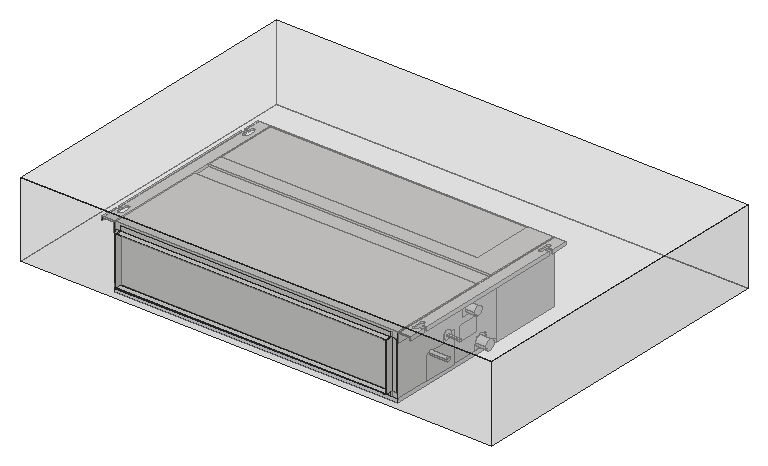
Revit family "outputfile", category 機械設備, Revit 2024
Family settings
  丸型コネクタ寸法 = 半径を使用
  パーツ タイプ = 標準
  OmniClass 番号 = 23.75.10.24.21.27.27
  OmniClass タイトル = Split System Air Conditioning Units
  作業面ベース = いいえ
  常に垂直 = はい
  ロード時にボイドで切り取り = いいえ
  注釈の向きを維持 = いいえ
  共有 = いいえ
  部屋計算ポイント = はい
Parameters (values of type "FXDQ50NDVE")
  Description = ""
  製造元 = "Daikin"
  書き出し IFC クラス(タイプ) = "IfcUnitaryEquipmentType"
  定義済み IFC タイプ(タイプ) = "AIRCONDITIONINGUNIT"
  Cost = 0
  モデル = "FXDQ50NDVE"
  Type Comments = ""
  Keynote = ""
  Type Image = (empty or 0)
  Assembly Code = ""
  w_pipe = 33.0 mm
  r_Liquid Pipe Size = Liquid Pipe Size / 2  # 3.2 mm
  r_Gas Pipe Size = Gas Pipe Size / 2  # 6.35 mm
  r_Drain Pipe Size = Drain Pipe Size / 2  # 10.0 mm
  lw_powersupply = 404.0 mm
  lw_ductflange2 = 820.0 mm
  lw_Width = 860.0 mm
  lh_suctionflange [instance] = if(Rear Connection_Return Air, 100.0 mm + [h***], 190.0 mm + [h***])  # 100.0 mm
  ld_suctionflange [instance] = if(Rear Connection_Return Air, 190.0 mm, 100.0 mm)  # 190.0 mm
  ld_powersupply = 60.0 mm
  angle_vertical_RA [instance] = if(Rear Connection_Return Air, 90.00°, 0.00°)  # 90.00°
  angle horizontal_RA [instance] = if(Rear Connection_Return Air, 180.00°, 270.00°)  # 180.00°
  Voltage_comment_60Hz = "220"
  Voltage_comment_50Hz = "220-240"
  Voltage_60Hz = 220 V
  Voltage_50Hz = 220 V
  URL = ""
  Supply Air Direction [instance] = yes
  Sound Power Level_H speed (dB) = 58
  Rear Connection_Return Air [instance] = not(Bottom Connection_Return Air)  # yes
  RA_length = 190.0 mm  # constant formula
  Phase_60Hz = 1
  Phase_50Hz = 1
  Minimum External Static Pressure = 15.00 Pa
  Minimum Circuit Amps_60Hz = 1.3 A
  Minimum Circuit Amps_50Hz = 1.0 A
  Maximum Fuse Amps_60Hz = 16.0 A
  Maximum Fuse Amps_50Hz = 16.0 A
  Maximum External Static Pressure = 44.00 Pa
  Material_Casing = DAIKIN_GalvanizedSteel_Casing_indoorunit
  lw_liquidpipe = 46.0 mm  # constant formula
  lw_gaspipe = 57.0 mm  # constant formula
  lw_mountinghole_pitch = 940.0 mm
  lw_mountinghole = 20.0 mm  # constant formula
  lw_drainpipe = 33.0 mm  # constant formula
  lh_powersupply = 10.0 mm
  lh_liquidpipe = 110.0 mm
  lh_gaspipe = 87.0 mm
  lh_mountinghole = Height + [h***]  # 200.0 mm
  lh_drainpipe = 150.0 mm
  lh_antena = 1.0 mm  # constant formula
  ld_liquidpipe = 193.0 mm  # constant formula
  ld_gaspipe = 130.0 mm  # constant formula
  ld_mountinghole_pitch = 0.0 mm  # constant formula
  ld_drainpipe = 280.0 mm
  ld_controlbox = 626.0 mm  # constant formula
  h*** = 0.0 mm  # constant formula
  d_dischargeflange = 21.2 mm  # constant formula
  Width = 900.0 mm
  Version = "ver.1.0"
  Unit Type = "Slim Duct (Standard) Type"
  Unit Mass Weight = 28.00 kg
  Unit Designation [instance] = ""
  Uniclass2015Version = "Products v1.30"
  Uniclass2015Title = "Variable refrigerant flow units"
  Uniclass2015Code = "Pr_70_65_03_94"
  Total Heating Capacity [instance] = 0.000 kW
  Total Cooling Capacity [instance] = 0.000 kW
  Sound Pressure Level_M speed (dBA) = 0
  Sound Pressure Level_L speed (dBA) = 27
  Sound Pressure Level_H speed (dBA) = 33
  Series = "VRV Fan Coil Unit"
  Sensible Cooling Capacity [instance] = 0.000 kW
  SA Duct Size Width = 860.0 mm
  SA Duct Size Height = 153.0 mm
  Refrigerant Type = "R410A"
  RA Duct Size Width = 800.0 mm
  RA Duct Size Height = 180.0 mm
  Power Input (Heating) = 0.152 kW
  Power Input (Cooling) = 0.165 kW
  Option Accessory 3 [instance] = ""
  Option Accessory 2 [instance] = ""
  Option Accessory 1 [instance] = ""
  Nominal Heating Capacity = 6.300 kW
  Nominal Cooling Capacity = 5.600 kW
  Minimum Airflow = 600.00 m³/h
  Median Airflow = 660.00 m³/h
  Maximum Airflow = 750.00 m³/h
  Load Classification = HVAC
  Liquid Pipe Size = 6.4 mm
  Link_Nested Family [instance] = ""
  IfcVersion = "0"
  IfcExportType = "AIRCONDITIONINGUNIT"
  IfcExportAs = "IfcUnitaryEquipmentType"
  Height = 200.0 mm
  Heating Entering Wet Bulb Temperature [instance] = 0.00 °C
  Heating Entering Dry Bulb Temperature [instance] = 0.00 °C
  Heating Ambient Wet Bulb Temperature [instance] = 0.00 °C
  Heating Ambient Dry Bulb Temperature [instance] = 0.00 °C
  Heat Exchanger Type = "Cross Fin Coil"
  Gas Pipe Size = 12.7 mm
  Frequency_60Hz = 60 Hz
  Frequency_50Hz = 50 Hz
  Fan Type = "Sirocco Fan"
  Fan Drive = "Direct Drive"
  FCU Tag No. [instance] = ""
  Drain Pipe Size = 20.0 mm
  Design Supply Airflow [instance] = 0.00 m³/h
  Design Return Airflow [instance] = 0.00 m³/h
  Design External Static Pressure [instance] = 0.00 Pa
  Depth = 620.0 mm
  既定の高さ = 0.0 mm
  Cooling Entering Wet Bulb Temperature [instance] = 0.00 °C
  Cooling Entering Dry Bulb Temperature [instance] = 0.00 °C
  Cooling Ambient Wet Bulb Temperature [instance] = 0.00 °C
  Cooling Ambient Dry Bulb Temperature [instance] = 0.00 °C
  Clearance visibility [instance] = yes
  Clearance Top = 20.0 mm
  Clearance Right = 300.0 mm
  Clearance Rear = 400.0 mm
  Clearance Left = 300.0 mm
  Clearance Front = 0.0 mm
  Clearance Bottom = 20.0 mm
  Bottom Connection_Return Air [instance] = no
Reference planes
  plane 1 "Center (Front/Back)": y = 0
  plane 2: z = 0
  plane 3 "Center (Left/Right)": x = 0
  plane 4 "Back": y = 310
  plane 5 "Front": y = -310
  plane 6 "Left": x = -450
  plane 7 "Right": x = 450
  plane 8 "Top": z = 0
  plane 9 "Bottom": z = -200
  plane 10: x = 330
  plane 11: x = -330
  plane 12: z = -190
  plane 13: z = -6
  plane 14: z = -22
  plane 15: z = -90
  plane 16: z = -113
  plane 17: x = -304
  plane 18: x = 304
  plane 19: x = -470
  plane 20: x = 470
  plane 21: y = 250
  plane 22: y = 250
  plane 23: x = -490
  plane 24: x = 390
  plane 25: x = 496
  plane 26: x = 507
  plane 27: x = 483
  plane 28: z = 0
  plane 29: z = -50
  plane 30 "Clearance Left": x = -750
  plane 31 "Clearance Right": x = 750
  plane 32 "Clearance Rear": y = 710
  plane 33 "Clearance Front": y = -310
  plane 34 "Clearance Top": z = 20
  plane 35 "Clearance Bottom": z = -220
  plane 36: z = -21
  plane 37: z = -170
  plane 38: z = -96.5
  plane 39: x = -40
  plane 40: y = -180
  plane 41: y = -117
  plane 42: y = -30
  plane 43: y = 20
  plane 44: z = -97.5
  plane 45: y = -309
  plane 46: x = -449
  plane 47: z = -100
  plane 48: z = -30
  plane 49: y = 210
  plane 50: z = -97.5
  plane 51: z = -199
  plane 52: y = 120
  plane 53: z = -101
  plane 54: x = 480
  plane 55: x = 445
  plane 56: x = 455
  plane 57: x = 451
  plane 58: x = 369
  plane 59: x = 449.004
  plane 60: x = -449
  plane 61: x = 404
  plane 62: z = -189
Forms (mm)
  Extrusion 1, solid
    sketch origin (0, 0, 0) x (1, 0, 0) y (0, 0, 1)
      loop
        line (-450, -190) -> (-450, -200) -> (450, -200) -> (450, -190) -> (-450, -190)
    from -84 to 310
  Extrusion 2, solid, material "DAIKIN_GalvanizedSteel_Casing_indoorunit" <- "Material_Casing"
    sketch origin (0, 0, 0) x (1, 0, 0) y (0, 1, 0)
      loop
        line (-450, -309) -> (450, -309) -> (450, 310) -> (-450, 310) -> (-450, -309)
    from -200 to 0
  Extrusion 3, void
    sketch origin (0, 0, 1) x (1, 0, 0) y (0, 1, 0)
      loop
        line (-450, 62.179) -> (-450, 4.179) -> (450, 4.179) -> (450, 62.179) -> (-450, 62.179)
    from -1 to -7
  Extrusion 4, void
    sketch origin (0, 0, 0) x (0, 1, 0) y (0, 0, 1)
      loop
        line (-5, -190) -> (45, -190) -> (45, -170)
        arc (45, -170) -> (20, -145) -> (-5, -170) r 25
        line (-5, -170) -> (-5, -190)
    from 450 to 445
  Revolve 5, solid, material "DAIKIN_GalvanizedSteel_Casing_indoorunit" <- "Material_Casing"
    sketch origin (0, 0, -113) x (0, -1, 0) y (1, 0, 0)
      loop
        line (173.65, 451) -> (180, 451) -> (180, 507) -> (173.65, 507) -> (173.65, 451)
      axis (180, 451) -> (180, 507)
    angle from 0 to 360
  Revolve 6, solid, material "DAIKIN_GalvanizedSteel_Casing_indoorunit" <- "Material_Casing"
    sketch origin (0, 0, -90) x (0, -1, 0) y (1, 0, 0)
      loop
        line (117, 451) -> (117, 496) -> (113.8, 496) -> (113.8, 451) -> (117, 451)
      axis (117, 496) -> (117, 451)
    angle from 0 to 360
  Extrusion 7, solid, material "DAIKIN_GalvanizedSteel_Casing_indoorunit" <- "Material_Casing"
    sketch origin (0, 0, 0) x (0, 1, 0) y (0, 0, 1)
      loop
        circle (-116, -90) r 12.7
    from 450 to 455
  Extrusion 8, solid, material "DAIKIN_GalvanizedSteel_Casing_indoorunit" <- "Material_Casing"
    sketch origin (0, 0, 0) x (0, 1, 0) y (0, 0, 1)
      loop
        circle (20, -170) r 15
    from 480 to 445
  Extrusion 9, solid, material "DAIKIN_GalvanizedSteel_Casing_indoorunit" <- "Material_Casing"
    sketch origin (0, 0, 0) x (0, 1, 0) y (0, 0, 1)
      loop
        line (-52, -30) -> (-52, -70) -> (-11, -70) -> (-11, -30) -> (-52, -30)
    from 450 to 451
  Extrusion 10, solid, material "DAIKIN_GalvanizedSteel_Casing_indoorunit" <- "Material_Casing"
    sketch origin (0, 0, 0) x (0, 1, 0) y (0, 0, 1)
      loop
        circle (-30, -50.064) r 13
    from 450 to 483
  Extrusion 11, solid, material "DAIKIN_GalvanizedSteel_Casing_indoorunit" <- "Material_Casing"
    sketch origin (0, 0, 0) x (0, 1, 0) y (0, 0, 1)
      loop
        line (-63.609, -90) -> (-63.609, -136) -> (0.391, -136) -> (0.391, -90) -> (-63.609, -90)
    from 450 to 451
  Extrusion 12, solid, material "DAIKIN_GalvanizedSteel_Casing_indoorunit" <- "Material_Casing"
    sketch origin (0, 0, 0) x (1, 0, 0) y (0, 0, 1)
      loop
        line (-450, -190) -> (-450, -200) -> (450, -200) -> (450, -190) -> (-450, -190)
    from -84 to 310
  Extrusion 13, solid, material "DAIKIN_GalvanizedSteel_Casing_indoorunit" <- "Material_Casing", visible <- "Bottom Connection_Return Air"
    sketch origin (0, 0, 0) x (1, 0, 0) y (0, 0, 1)
      loop
        line (369, -200) -> (369, -1) -> (-449, -1) -> (-449, -200) -> (369, -200)
    from -310 to -309
  Extrusion 14, void
    sketch origin (0, 0, 0) x (1, 0, 0) y (0, 0, 1)
      loop
        line (369, 0) -> (-449, 0) -> (-449, -1) -> (369, -1) -> (369, 0)
    from -310 to -111
  Extrusion 15, solid, material "DAIKIN_GalvanizedSteel_Casing_indoorunit" <- "Material_Casing", visible <- "Rear Connection_Return Air"
    sketch origin (0, 0, 0) x (1, 0, 0) y (0, 1, 0)
      loop
        line (-449, 310) -> (-449, 111) -> (369, 111) -> (369, 310) -> (-449, 310)
    from -200 to -199
  Extrusion 16, solid, material "DAIKIN_GalvanizedSteel_Casing_indoorunit" <- "Material_Casing"
    sketch origin (0, 0, 0) x (0, 1, 0) y (0, 0, 1)
      loop
        line (-194, -113) -> (-194, -190) -> (-88.3, -190) -> (-88.3, -90) -> (-103.3, -90)
        arc (-103.3, -90) -> (-116, -102.7) -> (-128.7, -90) r 12.7
        line (-128.7, -90) -> (-128.7, -113) -> (-173.65, -113)
        arc (-173.65, -113) -> (-180, -119.35) -> (-186.35, -113) r 6.35
        line (-186.35, -113) -> (-194, -113)
    from 451 to 450
  Extrusion 17, solid, material "DAIKIN_GalvanizedSteel_Casing_indoorunit" <- "Material_Casing"
    sketch origin (0, 0, 0) x (0, 1, 0) y (0, 0, 1)
      loop
        line (84, -199) -> (310, -199) -> (310, -22) -> (91, -22) -> (84, -29) -> (84, -199)
    from 451 to 450
Cuts and joins
  Extrusion 3, Extrusion 4, Extrusion 14 cuts Extrusion 2
  Extrusion 4 cuts Extrusion 1
  Extrusion 14 cuts Extrusion 12
Dimensions and locks
  "lh_powersupply": plane 12 to plane 9 "Bottom"
  locked: plane 8 "Top" to plane 13 at 6
  "Height": plane 8 "Top" to plane 9 "Bottom"
  equal spacing: plane 17, plane 3 "Center (Left/Right)", plane 18, locked at 304 each
  locked: plane 17 to plane 18 at 608
  equal spacing: plane 19, plane 3 "Center (Left/Right)", plane 20
  "lw_mountinghole_pitch": plane 19 to plane 20
  locked: plane 14 to plane 9 "Bottom" at 178
  "lw_mountinghole": plane 23 to plane 19
  "lh_liquidpipe": plane 15 to plane 9 "Bottom"
  "lh_gaspipe": plane 16 to plane 9 "Bottom"
  "lh_mountinghole": plane 28 to plane 9 "Bottom"
  "ld_mountinghole_pitch": plane 22 to plane 21
  equal spacing: plane 6 "Left", plane 3 "Center (Left/Right)", plane 7 "Right"
  "Width": plane 6 "Left" to plane 7 "Right"
  "lh_drainpipe": plane 29 to plane 9 "Bottom"
  "Clearance Right": plane 7 "Right" to plane 31 "Clearance Right"
  "Clearance Left": plane 30 "Clearance Left" to plane 6 "Left"
  "lw_gaspipe": plane 7 "Right" to plane 26
  "lw_liquidpipe": plane 7 "Right" to plane 25
  "lw_drainpipe": plane 7 "Right" to plane 27
  "Clearance Rear": plane 32 "Clearance Rear" to plane 4 "Back"
  "Clearance Front": plane 5 "Front" to plane 33 "Clearance Front"
  "Clearance Top": plane 34 "Clearance Top" to plane 8 "Top"
  "Clearance Bottom": plane 9 "Bottom" to plane 35 "Clearance Bottom"
  "ld_powersupply": plane 4 "Back" to plane 22
  locked: plane 8 "Top" to plane 36 at 21
  locked: plane 8 "Top" to plane 37 at 170
  locked: plane 40 to plane 41 at 63
  locked: plane 38 to plane 9 "Bottom" at 103.5
  locked: plane 36 to plane 44 at 76.5
  "Depth": plane 4 "Back" to plane 5 "Front"
  equal spacing: plane 4 "Back", plane 1 "Center (Front/Back)", plane 5 "Front"
  locked: plane 45 to plane 5 "Front" at 1
  locked: plane 46 to plane 6 "Left" at 1
  Extrusion 13 sketch curve to Extrusion 13 sketch curve = 199.0 mm
  nested 11 to plane 39 = 400.0 mm
  locked: plane 12 to plane 47 at 90
  plane 32 "Clearance Rear" to Extrusion 13 = 401.0 mm
  locked: plane 48 to plane 35 "Clearance Bottom" at 190
  plane 49 to nested 12 = 90.0 mm
  locked: plane 50 to plane 9 "Bottom" at 102.5
  locked: plane 51 to plane 9 "Bottom" at 1
  "ld_suctionflange": plane 4 "Back" to plane 52
  locked: plane 53 to plane 9 "Bottom" at 99
  locked: plane 7 "Right" to plane 54 at 30
  locked: plane 55 to plane 7 "Right" at 5
  locked: plane 7 "Right" to plane 56 at 5
  locked: plane 7 "Right" to plane 57 at 1
  plane 7 "Right" to plane 58 = 81.0 mm
  locked: plane 7 "Right" to plane 59 at 0.996
  locked: plane 60 to plane 6 "Left" at 1
  "lw_powersupply": plane 3 "Center (Left/Right)" to plane 61
  "r_Gas Pipe Size": nested 6 to Revolve 5 sketch curve
  "r_Liquid Pipe Size": nested 5 to Revolve 6 sketch curve
  locked: plane 62 to plane 9 "Bottom" at 11
  aligned and locked: level to plane 2
  aligned and locked: Extrusion 2 to plane 9 "Bottom"
  aligned and locked: plane 8 "Top" to Extrusion 2
  aligned and locked: Revolve 5 sketch curve to Revolve 5 sketch curve
  aligned and locked: plane 15 to Extrusion 7 sketch curve
  aligned and locked: cut or joined group of Extrusion 1, Extrusion 4 to plane 9 "Bottom"
  aligned and locked: plane 27 to Extrusion 10
  aligned and locked: plane 25 to nested 5
  aligned and locked: nested 5 to plane 15
  aligned and locked: nested 1 to plane 22
  aligned and locked: plane 20 to nested 2
  aligned and locked: plane 19 to nested 3
  aligned and locked: plane 22 to nested 4
  aligned and locked: nested 4 to plane 22
  aligned and locked: plane 19 to nested 4
  aligned and locked: nested 7 to plane 29
  aligned and locked: Extrusion 10 to nested 7
  aligned and locked: plane 27 to nested 7
  aligned and locked: nested 10 to plane 12
  aligned and locked: Extrusion 12 to plane 5 "Front"
  aligned and locked: Extrusion 12 to plane 9 "Bottom"
  aligned and locked: nested 6 to plane 16
  aligned and locked: plane 40 to nested 6
  aligned and locked: plane 41 to nested 5
  aligned and locked: plane 42 to nested 7
  aligned and locked: Extrusion 8 sketch curve to plane 43
  aligned and locked: plane 4 "Back" to Extrusion 14
  aligned and locked: Extrusion 15 to nested 12
  aligned and locked: plane 8 "Top" to Extrusion 3
  aligned and locked: Extrusion 13 to cut or joined group of Extrusion 2, Extrusion 3, Extrusion 4, Extrusion 14
  aligned and locked: plane 9 "Bottom" to Extrusion 15  (x2)
  aligned and locked: Extrusion 15 to plane 51
  aligned and locked: plane 4 "Back" to nested 11
  aligned and locked: Extrusion 14 to level
  aligned and locked: plane 32 "Clearance Rear" to nested 13
  aligned and locked: plane 31 "Clearance Right" to nested 13
  aligned and locked: plane 30 "Clearance Left" to nested 13
  aligned and locked: nested 13 to plane 33 "Clearance Front"
  aligned and locked: nested 13 to plane 34 "Clearance Top"
  aligned and locked: nested 13 to plane 35 "Clearance Bottom"
  aligned and locked: plane 7 "Right" to Extrusion 16  (x2)
  aligned and locked: plane 4 "Back" to Extrusion 17
  aligned and locked: Extrusion 17 to plane 51
  aligned and locked: plane 7 "Right" to Extrusion 17  (x2)
  aligned and locked: Extrusion 16 to Revolve 5 sketch curve
  aligned and locked: Extrusion 3 to plane 13
  aligned and locked: plane 52 to nested 14
  aligned and locked: nested 12 to Extrusion 14
  aligned and locked: Extrusion 11 to plane 7 "Right"
  aligned and locked: Extrusion 7 to plane 7 "Right"
  aligned and locked: plane 7 "Right" to cut or joined group of Extrusion 2, Extrusion 3, Extrusion 4, Extrusion 14  (x2)
  aligned and locked: cut or joined group of Extrusion 2, Extrusion 3, Extrusion 4, Extrusion 14 to plane 55
  aligned and locked: Extrusion 8 to plane 55
  aligned and locked: plane 54 to Extrusion 8
  aligned and locked: plane 56 to Extrusion 7
  aligned and locked: plane 57 to Extrusion 17
  aligned and locked: Extrusion 16 to plane 57
  aligned and locked: Extrusion 11 to plane 57
  aligned and locked: plane 26 to nested 6
  aligned and locked: Extrusion 9 to plane 57
  aligned and locked: Extrusion 9 to plane 7 "Right"
  aligned and locked: Extrusion 10 to plane 7 "Right"
  aligned and locked: plane 58 to Extrusion 14 sketch curve
  aligned and locked: Extrusion 13 sketch curve to plane 58
  aligned and locked: plane 3 "Center (Left/Right)" to nested 15
  aligned and locked: Extrusion 15 to plane 58
  aligned and locked: plane 6 "Left" to nested 11
  aligned and locked: plane 8 "Top" to nested 15
  aligned and locked: plane 4 "Back" to nested 15
  aligned and locked: cut or joined group of Extrusion 2, Extrusion 3, Extrusion 4, Extrusion 14 to plane 45
  aligned and locked: nested 10 to plane 61
  aligned and locked: plane 20 to nested 1
  aligned and locked: nested 12 to plane 58
  aligned and locked: nested 9 to plane 1 "Center (Front/Back)"
  aligned and locked: plane 3 "Center (Left/Right)" to nested 9
  aligned and locked: plane 51 to nested 12
  aligned and locked: nested 11 to plane 51
  aligned and locked: nested 16 to plane 62
  aligned and locked: plane 13 to nested 16
  aligned and locked: plane 45 to nested 16
  aligned and locked: level to plane 8 "Top"
Automatic sketch dimensions
  Extrusion 1 sketch curve to plane 6 "Left" = 0.0 mm
  Extrusion 1 sketch curve to plane 7 "Right" = 0.0 mm
  Extrusion 1 sketch curve to plane 9 "Bottom" = 0.0 mm
  Extrusion 1 sketch curve to plane 12 = 0.0 mm
  Extrusion 2 sketch curve to plane 4 "Back" = 0.0 mm
  Extrusion 2 sketch curve to plane 6 "Left" = 0.0 mm
  Extrusion 2 sketch curve to plane 7 "Right" = 0.0 mm
  Extrusion 2 sketch curve to plane 45 = 0.0 mm
  Extrusion 3 sketch curve to plane 6 "Left" = 0.0 mm
  Extrusion 3 sketch curve to plane 7 "Right" = 0.0 mm
  Extrusion 3 sketch curve to plane 1 "Center (Front/Back)" = 4.179 mm
  plane 43 to Extrusion 3 sketch curve = 42.179 mm
  Extrusion 4 sketch curve to plane 37 = 0.0 mm
  Extrusion 4 sketch curve to plane 12 = 0.0 mm
  Extrusion 4 sketch curve to plane 43 = 0.0 mm
  plane 1 "Center (Front/Back)" to Extrusion 4 sketch curve = 5.0 mm
  plane 41 to Extrusion 7 sketch curve = 1.0 mm
  Extrusion 8 sketch curve to plane 37 = 0.0 mm
  Extrusion 9 sketch curve to plane 42 = 22.0 mm
  plane 1 "Center (Front/Back)" to Extrusion 9 sketch curve = 11.0 mm
  plane 15 to Extrusion 9 sketch curve = 20.0 mm
  Extrusion 9 sketch curve to plane 14 = 8.0 mm
  Extrusion 10 sketch curve to plane 42 = 0.0 mm
  Extrusion 10 sketch curve to plane 29 = 0.064 mm
  plane 15 to Extrusion 11 sketch curve = 0.0 mm
  Extrusion 11 sketch curve to plane 42 = 33.609 mm
  Extrusion 11 sketch curve to plane 1 "Center (Front/Back)" = 0.391 mm
  Extrusion 11 sketch curve to plane 16 = 23.0 mm
  Extrusion 12 sketch curve to plane 6 "Left" = 0.0 mm
  Extrusion 12 sketch curve to plane 7 "Right" = 0.0 mm
  Extrusion 12 sketch curve to plane 9 "Bottom" = 0.0 mm
  Extrusion 12 sketch curve to plane 12 = 0.0 mm
  plane 46 to Extrusion 13 sketch curve = 0.0 mm
  plane 46 to Extrusion 14 sketch curve = 0.0 mm
  Extrusion 14 sketch curve to plane 8 "Top" = 1.0 mm
  Extrusion 15 sketch curve to plane 46 = 0.0 mm
  Extrusion 15 sketch curve to plane 4 "Back" = 0.0 mm
  plane 18 to Extrusion 15 sketch curve = 65.0 mm
  plane 43 to Extrusion 15 sketch curve = 91.0 mm
  plane 35 "Clearance Bottom" to Extrusion 14 sketch curve = 220.0 mm
  Extrusion 13 sketch curve to plane 51 = 1.0 mm
  Extrusion 16 sketch curve to plane 12 = 0.0 mm
  Extrusion 16 sketch curve to plane 16 = 0.0 mm
  Extrusion 16 sketch curve to plane 40 = 0.0 mm
  Extrusion 16 sketch curve to plane 15 = 0.0 mm
  Extrusion 16 sketch curve to Extrusion 16 sketch curve = 6.35 mm
  Extrusion 16 sketch curve to Extrusion 16 sketch curve = 7.65 mm
  Extrusion 16 sketch curve to plane 41 = 11.7 mm
  plane 41 to Extrusion 16 sketch curve = 1.0 mm
  Extrusion 16 sketch curve to Extrusion 16 sketch curve = 27.7 mm
  Extrusion 17 sketch curve to plane 51 = 0.0 mm
  Extrusion 17 sketch curve to plane 14 = 0.0 mm
  plane 48 to Extrusion 17 sketch curve = 1.0 mm
  plane 43 to Extrusion 17 sketch curve = 64.0 mm
  Extrusion 17 sketch curve to Extrusion 17 sketch curve = 7.0 mm
  Extrusion 17 sketch curve to plane 4 "Back" = 0.0 mm
  Revolve 5 sketch curve to plane 26 = 0.0 mm
  Revolve 5 sketch curve to plane 40 = 0.0 mm
  Revolve 5 sketch curve to Revolve 5 sketch curve = 1.003 mm
  plane 26 to Revolve 5 sketch curve = 1.003 mm
  Revolve 6 sketch curve to plane 41 = 0.0 mm  (x2)
  Revolve 6 sketch curve to plane 25 = 0.0 mm  (x2)
  Revolve 6 sketch curve to plane 57 = 0.0 mm  (x2)
  radius of Extrusion 7 sketch curve = 12.7 mm
  radius of Extrusion 8 sketch curve = 15.0 mm
  radius of Extrusion 10 sketch curve = 13.0 mm
Nested families
  nested 1: "daikin_mountinghole" at (470, 250, -200), l_antenna <- "lh_antena", Link_Nested Family <- "Link_Nested Family", h_mountinghole <- "lh_mountinghole", type "daikin_mountinghole"
    with show yes, l_antenna 1.0 mm, h_mountinghole 200.0 mm, Link_Nested Family ""
  nested 2: "daikin_mountinghole" at (470, -250, -200), Link_Nested Family <- "Link_Nested Family", l_antenna <- "lh_antena", h_mountinghole <- "lh_mountinghole", type "daikin_mountinghole"
    with show yes, l_antenna 1.0 mm, h_mountinghole 200.0 mm, Link_Nested Family ""
  nested 3: "daikin_mountinghole" at (-470, -250, -200), l_antenna <- "lh_antena", Link_Nested Family <- "Link_Nested Family", h_mountinghole <- "lh_mountinghole", type "daikin_mountinghole"
    with show yes, l_antenna 1.0 mm, h_mountinghole 200.0 mm, Link_Nested Family ""
  nested 4: "daikin_mountinghole" at (-470, 250, -200), l_antenna <- "lh_antena", Link_Nested Family <- "Link_Nested Family", h_mountinghole <- "lh_mountinghole", type "daikin_mountinghole"
    with show yes, l_antenna 1.0 mm, h_mountinghole 200.0 mm, Link_Nested Family ""
  nested 5: "daikin_connector_rotate2" at (450, -117, -90) x (0, 1, 0) z (0, 0, 1), length <- "lw_liquidpipe", built-in parameter 1001364 <- "lh_liquidpipe", radius <- "r_Liquid Pipe Size", type "daikin_connector_rotate2"
    with radius 3.2 mm, length 46.0 mm, angle_vertical 90.00°
  nested 6: "daikin_connector_rotate2" at (450, -180, -113) x (0, 1, 0) z (0, 0, 1), length <- "lw_gaspipe", built-in parameter 1001364 <- "lh_gaspipe", radius <- "r_Gas Pipe Size", type "daikin_connector_rotate2"
    with radius 6.35 mm, length 57.0 mm, angle_vertical 90.00°
  nested 7: "daikin_connector_rotate2" at (450, -30, -50) x (0, 1, 0) z (0, 0, 1), built-in parameter 1001364 <- "lh_drainpipe", length <- "lw_drainpipe", radius <- "r_Drain Pipe Size", type "daikin_connector_rotate2"
    with radius 10.0 mm, length 33.0 mm, angle_vertical 90.00°
  nested 8: "daikin_connector_rotate2" at (0, -309, -97.5), length <- "d_dischargeflange", type "daikin_connector_rotate2"
    with radius 10.0 mm, length 21.2 mm, angle_vertical 90.00°
  nested 9: "daikin_△_symbolicline" at (-75, -129.904, 200) x (-0.5, 0.866, 0) z (0, 0, 1), built-in parameter 1001364 <- "Height", visible <- "Supply Air Direction", type "daikin_△_symbolicline"
    with length 300.0 mm
  nested 10: "daikin_connector_rotate2" at (404, 250, -190) x (-1, 0, 0) z (0, 0, 1), built-in parameter 1001364 <- "lw_powersupply", length <- "ld_powersupply", type "daikin_connector_rotate2"
    with radius 10.0 mm, length 60.0 mm, angle_vertical 90.00°
  nested 11: "daikin_ductflange_FXDQ-NDVE2" at (-40, 310, -100), visible <- "Rear Connection_Return Air", material <- "Material_Casing", width <- "lw_ductflange2", type "daikin_ductflange_FXDQ-NDVE2"
    with width 820.0 mm, material DAIKIN_GalvanizedSteel_Casing_indoorunit, height 180.0 mm, depth 21.2 mm
  nested 12: "daikin_ductflange_FXDQ-NDVE2" at (-40, 210, -200) x (1, 0, 0) z (0, 1, 0), visible <- "Bottom Connection_Return Air", material <- "Material_Casing", width <- "lw_ductflange2", type "daikin_ductflange_FXDQ-NDVE2"
    with width 820.0 mm, material DAIKIN_GalvanizedSteel_Casing_indoorunit, height 180.0 mm, depth 21.2 mm
  nested 13: "daikin_clearancespace" at (0, 200, -99.881), visible <- "Clearance visibility", show <- "Clearance visibility", Link_Nested Family <- "Link_Nested Family", type "daikin_clearancespace"
    with width 1500.0 mm, show yes, height 240.0 mm, depth 1020.0 mm, Link_Nested Family ""
  nested 14: "daikin_connector_rotate3" at (-40, 120, -100), built-in parameter 1001364 <- "lh_suctionflange", angle_vertical <- "angle_vertical_RA", angle_horizontal <- "angle horizontal_RA", length <- "RA_length", type "daikin_connector_rotate3"
    with show no, radius 10.0 mm, length 190.0 mm, angle_vertical 90.00°, angle_horizontal 180.00°
  nested 15: "daikin_hangerfixture_FXDQ-NDVE" at (0, 0.5, 0), type "daikin_hangerfixture_FXDQ-NDVE"
  nested 16: "daikin_ductflange_FXDQ-NDVE" at (0, 4.5, -364.201), material <- "Material_Casing", width <- "lw_Width", type "daikin_ductflange_FXDQ-NDVE"
    with width 860.0 mm, material DAIKIN_GalvanizedSteel_Casing_indoorunit, height 155.0 mm, depth 21.2 mm
Connectors
  piping at (507, -180, -113), diameter 12.7, driven by "r_Gas Pipe Size"
    settings: on nested 6, index 1, connector inside diameter 609.6 mm, connector length 0.0 mm, flow factor 0, pipe flow 0.00 m³/h, pressure drop 0.0 Pa, fitting loss kfactor 0, connector angle 0.00°, fixture units 0, engagement length 0.0 mm, angle of deflection 0.00°, flow configuration 1, flow direction 2, fitting loss method 0, system type 29, joint type 0, gender type 0, connector reference index -1, connector utility 0, adjustable connector no, is connector primary yes, connector description "Refrigerant Gas Piping"
  piping at (496, -117, -90), diameter 6.4, driven by "r_Liquid Pipe Size"
    settings: on nested 5, index 2, connector inside diameter 609.6 mm, connector length 0.0 mm, flow factor 0, pipe flow 0.00 m³/h, pressure drop 0.0 Pa, fitting loss kfactor 0, connector angle 0.00°, fixture units 0, engagement length 0.0 mm, angle of deflection 0.00°, flow configuration 1, flow direction 1, fitting loss method 0, system type 29, joint type 0, gender type 0, connector reference index -1, connector utility 0, adjustable connector no, is connector primary no, connector description "Refrigerant Liquid Piping"
  piping at (483, -30, -50), diameter 20, driven by "r_Drain Pipe Size"
    settings: on nested 7, index 3, connector inside diameter 609.6 mm, connector length 0.0 mm, flow factor 0, pipe flow 0.00 m³/h, pressure drop 0.0 Pa, fitting loss kfactor 0, connector angle 0.00°, fixture units 0, engagement length 0.0 mm, angle of deflection 0.00°, flow configuration 1, flow direction 2, fitting loss method 4, system type 16, joint type 0, gender type 0, connector reference index -1, connector utility 0, adjustable connector no, is connector primary no, connector description "Condensate Drain Piping"
  hvac at (0, -330.2, -97.5), driven by "SA Duct Size Height", driven by "SA Duct Size Width"
    settings: on nested 8, index 7, duct flow 0.00 m³/h, flow factor 0, pres drop 0.00 Pa, loss coef 0, conn angle 0.00°, conn width 860.0 mm, conn height 153.0 mm, conn diameter 609.6 mm, duct sys type 1, conn prof type 1, flow config 0, flow direction 2, loss method 4, conn ref index -1, conn util no, is conn primary yes, conn desc "SA Duct"
  electrical at (404, 310, -190), driven by "Load Classification"
    settings: on nested 10, index 9, voltage 0 V, apparent load 0 VA, apparent load phase1 0 VA, apparent load phase2 0 VA, apparent load phase3 0 VA, power factor 1, load classification "HVAC", number of poles 1, system type 30, power factor state 1, is connector primary yes, connector utility no, sub classification motor no, connector description "Power Supply"
  hvac at (-40, 310, -100), driven by "RA Duct Size Height", driven by "RA Duct Size Width"
    settings: on nested 14, index 10, duct flow 0.00 m³/h, flow factor 0, pres drop 0.00 Pa, loss coef 0, conn angle 0.00°, conn width 800.0 mm, conn height 180.0 mm, conn diameter 609.6 mm, duct sys type 2, conn prof type 1, flow config 0, flow direction 1, loss method 4, conn ref index -1, conn util no, is conn primary no, conn desc "RA Duct"
Definition of nested family "daikin_ductflange_FXDQ-NDVE2"
  Parameters (values of type "daikin_ductflange_FXDQ-PDVE2")
    width [instance] = 620.0 mm
    material [instance] = none
    height [instance] = 180.0 mm
    depth [instance] = 21.2 mm
    Default Elevation = 0.0 mm
  Reference planes
    plane 1 "Center (Front/Back)": y = 0
    plane 2: z = 0
    plane 3 "Center (Left/Right)": x = 0
    plane 4: y = -313.5
    plane 5: y = -334.7
    plane 6: x = -310
    plane 7: x = 310
    plane 8: z = 90
    plane 9: z = -90
    plane 10: z = 100
    plane 11: z = -100
    plane 12: x = -309
    plane 13: x = 309
  Forms (mm)
    Extrusion 1, solid, material <- "material"
      sketch origin (0, 0, 0) x (1, 0, 0) y (0, 0, 1)
        loop
          line (-300, 90) -> (-300, -90) -> (300, -90) -> (300, 90) -> (-300, 90)
        loop
          line (-309, -99) -> (309, -99) -> (309, 99) -> (-309, 99) -> (-309, -99)
      from 0 to 1
  Dimensions and locks
    plane 4 to plane 1 "Center (Front/Back)" = 313.5 mm
    "depth": plane 5 to plane 4
    equal spacing: plane 7, plane 3 "Center (Left/Right)", plane 6, locked at 310 each
    "width": plane 7 to plane 6
    equal spacing: plane 8, level, plane 9, locked at 90 each
    "height": plane 8 to plane 9
    equal spacing: plane 10, level, plane 11, locked at 100 each
    locked: plane 10 to plane 11 at 200
    plane 12 to plane 6 = 1.0 mm
    locked: plane 7 to plane 13 at 1
    locked: Extrusion 1 sketch curve to Extrusion 1 sketch curve at 9  (x4)
    locked: plane 10 to Extrusion 1 sketch curve at 1
    locked: Extrusion 1 sketch curve to plane 11 at 1
    aligned and locked: level to plane 2
  Automatic sketch dimensions
    plane 6 to Extrusion 1 sketch curve = 1.0 mm
    Extrusion 1 sketch curve to plane 7 = 1.0 mm
Definition of nested family "daikin_clearancespace"
  Parameters (values of type "daikin_clearancespace")
    width [instance] = 1823.963 mm
    show [instance] = yes
    material = none
    height [instance] = 1359.762 mm
    depth [instance] = 880.0 mm
    Default Elevation = 0.0 mm
    Link_Nested Family [instance] = ""
  Reference planes
    plane 1 "Center (Front/Back)": y = 0
    plane 2 "Center (Elevation)": z = -0.119
    plane 3 "Center (Left/Right)": x = 0
    plane 4: y = 440
    plane 5: y = -440
    plane 6 "Right": x = 911.982
    plane 7 "Left": x = -911.982
    plane 8 "Top": z = 679.762
    plane 9 "Bottom": z = -680
  Forms (mm)
    Extrusion 1, solid, material <- "material", visible <- "show"
      sketch origin (0, 0, 0) x (1, 0, 0) y (0, 1, 0)
        loop
          line (-911.982, 440) -> (-911.982, -440) -> (911.982, -440) -> (911.982, 440) -> (-911.982, 440)
      from -680 to 679.762
  Lines and regions (mm)
    symbolic lines, visible <- "show"
      curve 1: line (911.982, 440, 0) -> (-911.982, 440, 0)
      curve 2: line (-911.982, 440, 0) -> (-911.982, -440, 0)
      curve 3: line (-911.982, -440, 0) -> (911.982, -440, 0)
      curve 4: line (911.982, -440, 0) -> (911.982, 440, 0)
      curve 5: line (911.982, 0, 679.762) -> (-911.982, 0, 679.762)
      curve 6: line (911.982, 0, -680) -> (911.982, 0, 679.762)
      curve 7: line (-911.982, 0, -680) -> (911.982, 0, -680)
      curve 8: line (-911.982, 0, 679.762) -> (-911.982, 0, -680)
      curve 9: line (0, 440, 679.762) -> (0, -440, 679.762)
      curve 10: line (0, -440, 679.762) -> (0, -440, -680)
      curve 11: line (0, 440, -680) -> (0, 440, 679.762)
      curve 12: line (0, -440, -680) -> (0, 440, -680)
  Dimensions and locks
    "width": plane 7 "Left" to plane 6 "Right"
    "depth": plane 4 to plane 5
    "height": plane 8 "Top" to plane 9 "Bottom"
    equal spacing: plane 7 "Left", plane 3 "Center (Left/Right)", plane 6 "Right"
    equal spacing: plane 4, plane 1 "Center (Front/Back)", plane 5
    equal spacing: plane 8 "Top", plane 2 "Center (Elevation)", plane 9 "Bottom"
    aligned and locked: level to plane 2 "Center (Elevation)"
    aligned and locked: Extrusion 1 sketch curve to plane 4
    aligned and locked: plane 7 "Left" to Extrusion 1 sketch curve
    aligned and locked: Extrusion 1 sketch curve to plane 5
    aligned and locked: Extrusion 1 sketch curve to plane 6 "Right"
    aligned and locked: plane 8 "Top" to Extrusion 1
    aligned and locked: curve 1 to Extrusion 1
    aligned and locked: curve 2 to Extrusion 1
    aligned and locked: curve 3 to Extrusion 1
    aligned and locked: curve 4 to Extrusion 1
    aligned and locked: curve 5 to Extrusion 1
    aligned and locked: curve 6 to Extrusion 1
    aligned and locked: curve 7 to Extrusion 1
    aligned and locked: curve 8 to Extrusion 1
    aligned and locked: curve 9 to Extrusion 1
    aligned and locked: curve 10 to Extrusion 1
    aligned and locked: curve 11 to Extrusion 1
    aligned and locked: curve 12 to Extrusion 1
    aligned and locked: Extrusion 1 to plane 9 "Bottom"
Definition of nested family "daikin_hangerfixture_FXDQ-NDVE"
  Parameters (values of type "daikin_hangerfixture_FXDQ-PDVE")
    width = 900.0 mm
    material = none
    height = 30.0 mm
    depth = 619.0 mm
    Default Elevation = 0.0 mm
  Reference planes
    plane 1 "Center (Front/Back)": y = 0
    plane 2: z = 0
    plane 3 "Center (Left/Right)": x = 0
    plane 4: x = 450
    plane 5: y = 309.5
    plane 6: y = -309.5
    plane 7: x = -450
    plane 8: z = -30
  Forms (mm)
    Extrusion 1, solid, material <- "material"
      sketch origin (0, 0, 0) x (1, 0, 0) y (0, 0, 1)
        loop
          line (450, 0) -> (450, -30) -> (452.3, -30) -> (452.3, -2.3) -> (487.7, -2.3) -> (487.7, -10) -> (490, -10) -> (490, 0) -> (450, 0)
      from -309.5 to 309.5
    Extrusion 2, void
      sketch origin (0, 0, 0) x (0, 1, 0) y (0, 0, 1)
        loop
          line (309.5, -30) -> (309.5, -17.979) -> (87.935, -17.979) -> (75.914, -30) -> (309.5, -30)
      from 0 to 550
    Extrusion 3, void
      sketch origin (0, 0, 0) x (1, 0, 0) y (0, 1, 0)
        loop
          line (490, -244) -> (477, -244) -> (477, -237.5)
          arc (477, -237.5) -> (470, -230.5) -> (463, -237.5) r 7
          line (463, -237.5) -> (463, -263.5)
          arc (463, -263.5) -> (470, -270.5) -> (477, -263.5) r 7
          line (477, -263.5) -> (477, -257) -> (490, -257) -> (490, -244)
        loop
          line (490, 243) -> (490, 256) -> (477, 256) -> (477, 262.5)
          arc (477, 262.5) -> (470, 269.5) -> (463, 262.5) r 7
          line (463, 262.5) -> (463, 236.5)
          arc (463, 236.5) -> (470, 229.5) -> (477, 236.5) r 7
          line (477, 236.5) -> (477, 243) -> (490, 243)
      from -254.96 to 618
    Extrusion 4, solid, material <- "material"
      sketch origin (0, 0, 0) x (-1, 0, 0) y (0, 0, -1)
        loop
          line (450, 0) -> (490, 0) -> (490, 10) -> (487.7, 10) -> (487.7, 2.3) -> (452.3, 2.3) -> (452.3, 30) -> (450, 30) -> (450, 0)
      from -309.5 to 309.5
    Extrusion 5, void
      sketch origin (0, 0, 0) x (-1, 0, 0) y (0, -1, 0)
        loop
          line (490, 244) -> (490, 257) -> (477, 257) -> (477, 263.5)
          arc (477, 263.5) -> (470, 270.5) -> (463, 263.5) r 7
          line (463, 263.5) -> (463, 237.5)
          arc (463, 237.5) -> (470, 230.5) -> (477, 237.5) r 7
          line (477, 237.5) -> (477, 244) -> (490, 244)
        loop
          line (490, -243) -> (477, -243) -> (477, -236.5)
          arc (477, -236.5) -> (470, -229.5) -> (463, -236.5) r 7
          line (463, -236.5) -> (463, -262.5)
          arc (463, -262.5) -> (470, -269.5) -> (477, -262.5) r 7
          line (477, -262.5) -> (477, -256) -> (490, -256) -> (490, -243)
      from -254.96 to 618
  Cuts and joins
    Extrusion 2, Extrusion 3, Extrusion 5 cuts Extrusion 1
    Extrusion 5 cuts Extrusion 4
  Dimensions and locks
    equal spacing: plane 5, plane 1 "Center (Front/Back)", plane 6
    "depth": plane 5 to plane 6
    plane 6 to plane 1 "Center (Front/Back)" to plane 5 = 309.5 mm, 309.5 mm
    equal spacing: plane 4, plane 3 "Center (Left/Right)", plane 7
    "width": plane 4 to plane 7
    "height": level to plane 8
    locked: plane 4 to Extrusion 2 at 100
    aligned and locked: level to plane 2
    aligned and locked: plane 5 to Extrusion 1
    aligned and locked: Extrusion 1 to plane 6
    aligned and locked: Extrusion 1 to plane 4
    aligned and locked: plane 5 to cut or joined group of Extrusion 1, Extrusion 2, Extrusion 3, Extrusion 5
    aligned and locked: cut or joined group of Extrusion 1, Extrusion 2, Extrusion 3, Extrusion 5 to plane 6
    aligned and locked: level to cut or joined group of Extrusion 1, Extrusion 2, Extrusion 3, Extrusion 5
    aligned and locked: cut or joined group of Extrusion 1, Extrusion 2, Extrusion 3, Extrusion 5 to plane 8
    aligned and locked: plane 5 to cut or joined group of Extrusion 4, Extrusion 5
    aligned and locked: cut or joined group of Extrusion 4, Extrusion 5 to plane 6
  Automatic sketch dimensions
    Extrusion 1 sketch curve to plane 4 = 0.0 mm
    Extrusion 1 sketch curve to plane 8 = 0.0 mm
    Extrusion 1 sketch curve to level = 0.0 mm
    plane 4 to Extrusion 1 sketch curve = 2.3 mm
    Extrusion 1 sketch curve to level = 2.3 mm
    Extrusion 1 sketch curve to Extrusion 1 sketch curve = 35.4 mm
    Extrusion 1 sketch curve to Extrusion 1 sketch curve = 2.3 mm
    Extrusion 1 sketch curve to Extrusion 1 sketch curve = 7.7 mm
    Extrusion 2 sketch curve to plane 8 = 0.0 mm
    Extrusion 2 sketch curve to plane 5 = 0.0 mm
    plane 8 to Extrusion 2 sketch curve = 12.021 mm
    Extrusion 2 sketch curve to plane 1 "Center (Front/Back)" = 87.935 mm
    Extrusion 2 sketch curve to Extrusion 2 sketch curve = 12.021 mm
    plane 4 to Extrusion 3 sketch curve = 13.0 mm  (x2)
    Extrusion 3 sketch curve to Extrusion 3 sketch curve = 7.0 mm  (x4)
    Extrusion 3 sketch curve to Extrusion 3 sketch curve = 13.0 mm  (x4)
    plane 6 to Extrusion 3 sketch curve = 46.0 mm
    Extrusion 3 sketch curve to Extrusion 3 sketch curve = 6.5 mm  (x4)
    Extrusion 3 sketch curve to plane 5 = 73.0 mm
    Extrusion 4 sketch curve to plane 7 = 0.0 mm
    Extrusion 4 sketch curve to plane 8 = 0.0 mm
    Extrusion 4 sketch curve to level = 0.0 mm
    Extrusion 4 sketch curve to plane 7 = 2.3 mm
    Extrusion 4 sketch curve to level = 2.3 mm
    Extrusion 4 sketch curve to Extrusion 4 sketch curve = 35.4 mm
    Extrusion 4 sketch curve to Extrusion 4 sketch curve = 2.3 mm
    Extrusion 4 sketch curve to Extrusion 4 sketch curve = 7.7 mm
    Extrusion 5 sketch curve to plane 7 = 13.0 mm  (x2)
    Extrusion 5 sketch curve to Extrusion 5 sketch curve = 7.0 mm  (x4)
    Extrusion 5 sketch curve to Extrusion 5 sketch curve = 13.0 mm  (x4)
    Extrusion 5 sketch curve to plane 5 = 47.0 mm
    Extrusion 5 sketch curve to Extrusion 5 sketch curve = 6.5 mm  (x4)
    plane 6 to Extrusion 5 sketch curve = 72.0 mm
Definition of nested family "daikin_ductflange_FXDQ-NDVE"
  Parameters (values of type "daikin_ductflange_FXDQ-NDVE")
    width [instance] = 860.0 mm
    material [instance] = none
    height [instance] = 155.0 mm
    depth [instance] = 21.2 mm
    Default Elevation = 0.0 mm
  Reference planes
    plane 1 "Center (Front/Back)": y = 0
    plane 2: z = 189.201
    plane 3 "Center (Left/Right)": x = 0
    plane 4: y = -313.5
    plane 5: x = -430
    plane 6: x = 430
    plane 7: y = -334.7
    plane 8: z = 344.201
    plane 9: z = 266.701
    plane 10: z = 343.201
    plane 11: z = 190.201
  Forms (mm)
    Extrusion 1, solid, material <- "material"
      sketch origin (0, 0, 189.201) x (1, 0, 0) y (0, 1, 0)
        loop
          line (-430, -334.7) -> (-430, -313.5) -> (-448, -313.5) -> (-448, -314.5) -> (-431, -314.5) -> (-431, -334.7) -> (-430, -334.7)
        loop
          line (430, -334.7) -> (431, -334.7) -> (431, -314.5) -> (448, -314.5) -> (448, -313.5) -> (430, -313.5) -> (430, -334.7)
      from 1 to 154
    Extrusion 2, solid, material <- "material"
      sketch origin (0, 0, 0) x (0, 1, 0) y (0, 0, 1)
        loop
          line (-313.5, 343.201) -> (-313.5, 358.201) -> (-314.5, 358.201) -> (-314.5, 344.201) -> (-334.7, 344.201) -> (-334.7, 343.201) -> (-313.5, 343.201)
        loop
          line (-313.5, 190.201) -> (-334.7, 190.201) -> (-334.7, 189.201) -> (-314.5, 189.201) -> (-314.5, 175.201) -> (-313.5, 175.201) -> (-313.5, 190.201)
      from -430 to 430
  Dimensions and locks
    plane 4 to plane 1 "Center (Front/Back)" = 313.5 mm
    "depth": plane 7 to plane 4
    equal spacing: plane 8, plane 9, level
    "height": plane 8 to level
    equal spacing: plane 6, plane 3 "Center (Left/Right)", plane 5
    "width": plane 6 to plane 5
    plane 5 to plane 6 = 860.0 mm
    locked: plane 8 to plane 10 at 1
    locked: plane 11 to level at 1
    locked: Extrusion 1 to Extrusion 2 sketch curve at 1
    locked: Extrusion 2 sketch curve to Extrusion 1 at 1
    locked: Extrusion 1 sketch curve to Extrusion 1 sketch curve at 1
    locked: Extrusion 1 sketch curve to plane 5 at 18
    locked: Extrusion 1 to plane 5 at 18
    locked: plane 6 to Extrusion 1 at 18
    locked: plane 5 to Extrusion 1 at 18
    locked: Extrusion 1 to plane 6 at 18
    aligned and locked: level to plane 2
    aligned and locked: Extrusion 2 to plane 5
    aligned and locked: Extrusion 2 to plane 11
    aligned and locked: Extrusion 2 to plane 10
    aligned and locked: plane 6 to Extrusion 2
    aligned and locked: plane 5 to Extrusion 2  (x2)
    aligned and locked: plane 5 to Extrusion 1  (x2)
    aligned and locked: Extrusion 1 to plane 6
    aligned and locked: plane 6 to Extrusion 1
    aligned and locked: Extrusion 1 to plane 10
  Automatic sketch dimensions
    Extrusion 1 sketch curve to plane 4 = 0.0 mm  (x2)
    Extrusion 1 sketch curve to plane 7 = 0.0 mm  (x2)
    plane 5 to Extrusion 1 sketch curve = 0.0 mm
    Extrusion 1 sketch curve to plane 5 = 1.0 mm
    plane 6 to Extrusion 1 sketch curve = 1.0 mm
    Extrusion 2 sketch curve to plane 7 = 0.0 mm  (x2)
    Extrusion 2 sketch curve to plane 4 = 0.0 mm  (x2)
    Extrusion 2 sketch curve to plane 11 = 0.0 mm
    Extrusion 2 sketch curve to plane 10 = 0.0 mm
    Extrusion 2 sketch curve to plane 4 = 1.0 mm  (x2)
    Extrusion 2 sketch curve to level = 14.0 mm
    plane 8 to Extrusion 2 sketch curve = 14.0 mm
    Extrusion 1 sketch curve to Extrusion 1 sketch curve = 17.0 mm
    Extrusion 1 sketch curve to plane 4 = 1.0 mm
    Extrusion 1 sketch curve to plane 6 = 0.0 mm
Definition of nested family "daikin_mountinghole"
  Parameters (values of type "daikin_mountinghole")
    Default Elevation = 1219.2 mm
    Type Comments = "mountinghole"
    show [instance] = yes
    material = none
    l_centerline = 100.0 mm
    l_antenna [instance] = 100.0 mm
    h_mountinghole [instance] = 0.0 mm
    d_circle = 30.0 mm
    Link_Nested Family [instance] = ""
  Reference planes
    plane 1 "Center (Front/Back)": y = 0
    plane 2: z = 0
    plane 3 "Center (Left/Right)": x = 0
    plane 4: y = 50
    plane 5: x = -50
    plane 6: x = 50
    plane 7: y = -50
    plane 8 "h_mountinghole": z = 0
    plane 9: z = 100
  Lines and regions (mm)
    model lines, detail levels fine
      curve 1: circle (0, 0, 0) r 15 normal (0, 0, 1)
      curve 2: line (-50, 0, 0) -> (50, 0, 0)
      curve 3: line (0, 50, 0) -> (0, -50, 0)
    symbolic lines, detail levels fine
      curve 4: circle (0, 0, 0) r 15 normal (0, 0, 1)
      curve 5: line (-50, 0, 0) -> (50, 0, 0)
      curve 6: line (0, 50, 0) -> (0, -50, 0)
    model lines
      curve 7: line (0, 0, 100) -> (0, 0, 0)
  Dimensions and locks
    equal spacing: plane 4, plane 1 "Center (Front/Back)", plane 7
    "l_centerline": plane 4 to plane 7
    equal spacing: plane 5, plane 3 "Center (Left/Right)", plane 6
    "l_centerline": plane 5 to plane 6
    "l_antenna": plane 9 to plane 8 "h_mountinghole"
    "h_mountinghole": plane 8 "h_mountinghole" to plane 2
    "d_circle": diameter of curve 1
    "d_circle": diameter of curve 4
    aligned and locked: level to plane 2
    aligned and locked: plane 1 "Center (Front/Back)" to curve 1
    aligned and locked: plane 3 "Center (Left/Right)" to curve 1
    aligned and locked: plane 1 "Center (Front/Back)" to curve 2
    aligned and locked: curve 3 to plane 3 "Center (Left/Right)"
    aligned and locked: plane 6 to curve 2
    aligned and locked: plane 5 to curve 2
    aligned and locked: plane 4 to curve 3
    aligned and locked: plane 7 to curve 3
    aligned and locked: plane 1 "Center (Front/Back)" to curve 4
    aligned and locked: plane 3 "Center (Left/Right)" to curve 4
    aligned and locked: plane 6 to curve 5
    aligned and locked: plane 5 to curve 5
    aligned and locked: plane 1 "Center (Front/Back)" to curve 5
    aligned and locked: plane 4 to curve 6
    aligned and locked: plane 7 to curve 6
    aligned and locked: curve 6 to plane 3 "Center (Left/Right)"
    aligned and locked: curve 7 to plane 3 "Center (Left/Right)"
    aligned and locked: plane 9 to curve 7
    aligned and locked: plane 8 "h_mountinghole" to curve 7
Definition of nested family "daikin_connector_rotate2"
  Parameters (values of type "daikin_connector_rotate2")
    Default Elevation = 1219.2 mm
    show_face = no
    radius [instance] = 10.0 mm
    length [instance] = 600.0 mm
    d_surface = 10.0 mm
    angle_vertical [instance] = 90.00°
  Reference planes
    plane 1 "Center (Front/Back)": y = 0
    plane 2: z = 0
    plane 3 "Center (Left/Right)": x = 0
  Forms (mm)
    Extrusion 1, solid, visible <- "show_face"
      sketch origin (0, -600, 0) x (1, 0, 0) y (0, 0, 1)
        loop
          circle (0, 0) r 10
      from 0 to -10
  Lines and regions (mm)
    reference lines
      curve 1: line (0, 0, 0) -> (0, -600, 0)
    symbolic lines
      curve 2: circle (0, 0, 0) r 5 normal (0, 0, 1)
    model lines, visible <- "show_face"
      curve 3: line (0, 0, 0) -> (0, -600, 0)
  Dimensions and locks
    "length": curve 1 to curve 1
    "length": curve 3 to curve 3
    "d_surface": Extrusion 1 to Extrusion 1
    "radius": radius of Extrusion 1 sketch curve
    "angle_vertical": angle curve 1 to plane 1 "Center (Front/Back)"
    "angle_vertical": angle curve 3 to plane 1 "Center (Front/Back)"
    aligned and locked: level to plane 2
    aligned and locked: plane 1 "Center (Front/Back)" to curve 1
    aligned and locked: plane 2 to curve 1
    aligned and locked: plane 1 "Center (Front/Back)" to curve 2
    aligned and locked: plane 3 "Center (Left/Right)" to curve 2
    aligned and locked: plane 1 "Center (Front/Back)" to curve 3
    aligned and locked: plane 2 to curve 3
    aligned and locked: Extrusion 1 to Extrusion 1
  Automatic sketch dimensions
    Extrusion 1 sketch curve to level = 0.0 mm
    Extrusion 1 sketch curve to plane 3 "Center (Left/Right)" = 0.0 mm
    radius of curve 2 = 5.0 mm
Definition of nested family "daikin_△_symbolicline"
  Parameters (values of type "daikin_△_symbolicline")
    length [instance] = 500.0 mm
    Default Elevation = 0.0 mm
  Reference planes
    plane 1 "Center (Front/Back)": y = 0
    plane 2: z = 0
    plane 3 "Center (Left/Right)": x = 0
  Lines and regions (mm)
    symbolic lines
      curve 1: line (0, -433.013, 0) -> (250, 0, 0)
      curve 2: line (250, 0, 0) -> (-250, 0, 0)
      curve 3: line (-250, 0, 0) -> (0, -433.013, 0)
  Dimensions and locks
    equal spacing: curve 3, plane 3 "Center (Left/Right)", curve 2
    "length": curve 3 to curve 2
    "length": curve 3 to curve 3
    "length": curve 1 to curve 1
    aligned and locked: level to plane 2
    aligned and locked: curve 2 to plane 1 "Center (Front/Back)"
    aligned and locked: plane 3 "Center (Left/Right)" to curve 3
Definition of nested family "daikin_connector_rotate3"
  Parameters (values of type "daikin_connector_rotate3")
    Default Elevation = 1219.2 mm
    show [instance] = yes
    radius [instance] = 10.0 mm
    length [instance] = 600.0 mm
    angle_horizontal [instance] = 60.00°
    angle_vertical [instance] = 90.00°
  Reference planes
    plane 1 "Center (Front/Back)": y = 0
    plane 2: z = 0
    plane 3 "Center (Left/Right)": x = 0
  Dimensions and locks
    "angle_horizontal": angle plane 3 "Center (Left/Right)" to nested 1
    aligned and locked: level to plane 2
    aligned and locked: plane 1 "Center (Front/Back)" to nested 1  (x2)
    aligned and locked: plane 3 "Center (Left/Right)" to nested 1
  Nested families
    nested 1: "daikin_connector_rotate2" at (0, 0, 0) x (0.5, 0.866, 0) z (0, 0, 1), angle_vertical <- "angle_vertical", length <- "length", radius <- "radius", type "daikin_connector_rotate2"
      with radius 10.0 mm, length 600.0 mm, angle_vertical 90.00°
  Definition of nested family "daikin_connector_rotate2"
    Parameters (values of type "daikin_connector_rotate2")
      show_face = yes
      radius [instance] = 10.0 mm
      length [instance] = 600.0 mm
      d_surface = 10.0 mm
      angle_vertical [instance] = 90.00°
      Default Elevation = 0.0 mm
    Reference planes
      plane 1 "Center (Front/Back)": y = 0
      plane 2: z = 0
      plane 3 "Center (Left/Right)": x = 0
    Forms (mm)
      Extrusion 1, solid, visible <- "show_face"
        sketch origin (0, -600, 0) x (1, 0, 0) y (0, 0, 1)
          loop
            circle (0, 0) r 10
        from 0 to -10
    Lines and regions (mm)
      reference lines
        curve 1: line (0, 0, 0) -> (0, -600, 0)
      symbolic lines
        curve 2: circle (0, 0, 0) r 5 normal (0, 0, 1)
      model lines, visible <- "show_face"
        curve 3: line (0, 0, 0) -> (0, -600, 0)
    Dimensions and locks
      "length": curve 1 to curve 1
      "length": curve 3 to curve 3
      "d_surface": Extrusion 1 to Extrusion 1
      "radius": radius of Extrusion 1 sketch curve
      "angle_vertical": angle curve 1 to plane 1 "Center (Front/Back)"
      "angle_vertical": angle curve 3 to plane 1 "Center (Front/Back)"
      aligned and locked: level to plane 2
      aligned and locked: plane 1 "Center (Front/Back)" to curve 1
      aligned and locked: plane 2 to curve 1
      aligned and locked: plane 1 "Center (Front/Back)" to curve 2
      aligned and locked: plane 3 "Center (Left/Right)" to curve 2
      aligned and locked: plane 1 "Center (Front/Back)" to curve 3
      aligned and locked: plane 2 to curve 3
      aligned and locked: Extrusion 1 to Extrusion 1
    Automatic sketch dimensions
      Extrusion 1 sketch curve to level = 0.0 mm
      Extrusion 1 sketch curve to plane 3 "Center (Left/Right)" = 0.0 mm
      radius of curve 2 = 5.0 mm
